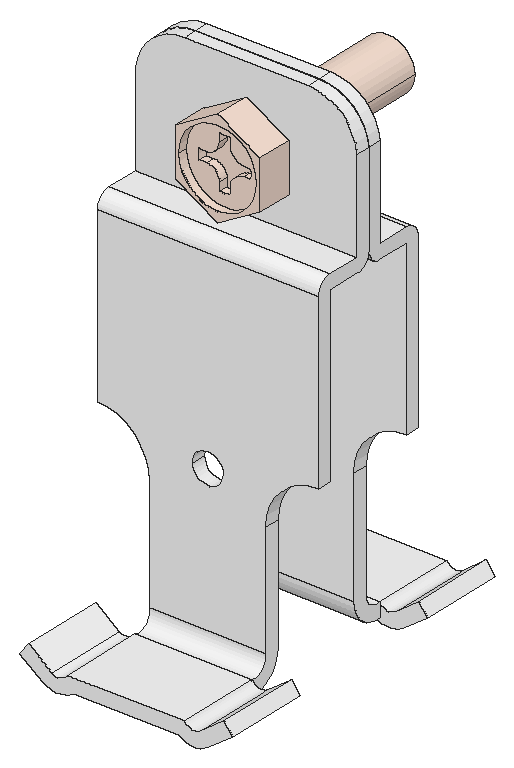
Revit family "taifuatsu-sclip_c38", category 機械設備, Revit 2022
Family settings
  丸型コネクタ寸法 = 直径を使用
  種別 = なし
  パーツ タイプ = 標準
  作業面ベース = いいえ
  常に垂直 = はい
  ロード時にボイドで切り取り = いいえ
  注釈の向きを維持 = いいえ
  共有 = いいえ
  部屋計算ポイント = いいえ
Parameters
  製造元 = "株式会社桐井製作所"
  既定の高さ = 0 mm
  URL = "https://www.kirii.co.jp/"
  K_品名 = "耐風圧Sクリップ(C38用)"
  K_名称 = "耐風圧クリップ"
  K_入数 = "300"
  K_バージョン情報 = "20210714"
Reference planes
  plane 1 "中心(正面/背面)": y = 0
  plane 2: z = 0
  plane 3 "中心(左/右)": x = 0
  plane 4: x = 12.498
  plane 5: x = -12.5
Forms (mm)
  Extrusion 1, solid
    sketch origin (-0.054, 0, 0) x (0, 1, 0) y (0, 0, 1)
      loop
        line (-1.6, 43.2) -> (-5.4, 43.2)
        arc (-5.4, 43.2) -> (-6.54, 42.728) -> (-7.013, 41.587) r 1.613
        line (-7.013, 41.587) -> (-7.013, 3.398)
        arc (-7.013, 3.398) -> (-7.546, 1.99) -> (-9, 1.6) r 1.651
        line (-9, 1.6) -> (-9, 0)
        arc (-9, 0) -> (-6.482, 0.789) -> (-5.4, 3.197) r 3.219
        line (-5.4, 3.197) -> (-5.4, 41.6) -> (-1.6, 41.6)
        arc (-1.6, 41.6) -> (-0.469, 42.069) -> (0, 43.2) r 1.6
        line (0, 43.2) -> (0, 58.6) -> (-1.6, 58.6) -> (-1.6, 43.2)
    from -12.446 to 12.552
  Extrusion 2, void
    sketch origin (-0.054, 0, 0) x (1, 0, 0) y (0, 0, 1)
      loop
        line (6.606, 16.2) -> (6.606, -1.592) -> (12.552, -1.592) -> (12.552, 22.2)
        arc (12.552, 22.2) -> (8.344, 20.424) -> (6.606, 16.2) r 6
    from 5.052 to 9
  Extrusion 3, void
    sketch origin (-0.054, 0, 0) x (-1, 0, 0) y (0, 0, -1)
      loop
        arc (6.498, -16.2) -> (8.255, -20.443) -> (12.498, -22.2) r 6
        line (12.498, -22.2) -> (12.498, 1.592) -> (6.498, 1.592) -> (6.498, -16.2)
    from 5.052 to 9
  Extrusion 4, solid
    sketch origin (-0.054, 0, 0) x (1, 0, 0) y (0, 0, 1)
      loop
        line (6.606, 1.6) -> (-6.608, 1.6)
        arc (-6.608, 1.6) -> (-7.436, 1.023) -> (-8.421, 1.247) r 1.25
        line (-8.421, 1.247) -> (-11.046, 3.197) -> (-12, 1.912) -> (-9.375, -0.038)
        arc (-9.375, -0.038) -> (-7.644, -0.6) -> (-5.927, 0) r 2.85
        line (-5.927, 0) -> (5.925, 0)
        arc (5.925, 0) -> (7.642, -0.6) -> (9.373, -0.038) r 2.85
        line (9.373, -0.038) -> (11.998, 1.912) -> (11.044, 3.197) -> (8.419, 1.247)
        arc (8.419, 1.247) -> (7.434, 1.023) -> (6.606, 1.6) r 1.25
    from 9 to 18.5
  Extrusion 5, solid
    sketch origin (-0.054, 0, 0) x (0, -1, 0) y (0, 0, -1)
      loop
        line (-1.6, -43.2) -> (-1.6, -58.6) -> (0, -58.6) -> (0, -43.2)
        arc (0, -43.2) -> (-0.469, -42.069) -> (-1.6, -41.6) r 1.6
        line (-1.6, -41.6) -> (-5.4, -41.6) -> (-5.4, -3.197)
        arc (-5.4, -3.197) -> (-6.482, -0.789) -> (-9, 0) r 3.219
        line (-9, 0) -> (-9, -1.6)
        arc (-9, -1.6) -> (-7.546, -1.99) -> (-7.013, -3.398) r 1.651
        line (-7.013, -3.398) -> (-7.013, -41.587)
        arc (-7.013, -41.587) -> (-6.54, -42.728) -> (-5.4, -43.2) r 1.613
        line (-5.4, -43.2) -> (-1.6, -43.2)
    from -12.446 to 12.552
  Extrusion 6, void
    sketch origin (-0.054, 0, 0) x (1, 0, 0) y (0, 0, -1)
      loop
        arc (6.606, -16.2) -> (8.344, -20.424) -> (12.552, -22.2) r 6
        line (12.552, -22.2) -> (12.552, 1.592) -> (6.606, 1.592) -> (6.606, -16.2)
    from 5.052 to 9
  Extrusion 7, void
    sketch origin (-0.054, 0, 0) x (-1, 0, 0) y (0, 0, 1)
      loop
        line (6.498, 16.2) -> (6.498, -1.592) -> (12.498, -1.592) -> (12.498, 22.2)
        arc (12.498, 22.2) -> (8.255, 20.443) -> (6.498, 16.2) r 6
    from 5.052 to 9
  Extrusion 8, solid
    sketch origin (-0.054, 0, 0) x (1, 0, 0) y (0, 0, -1)
      loop
        arc (6.606, -1.6) -> (7.434, -1.023) -> (8.419, -1.247) r 1.25
        line (8.419, -1.247) -> (11.044, -3.197) -> (11.998, -1.912) -> (9.373, 0.038)
        arc (9.373, 0.038) -> (7.642, 0.6) -> (5.925, 0) r 2.85
        line (5.925, 0) -> (-5.927, 0)
        arc (-5.927, 0) -> (-7.644, 0.6) -> (-9.375, 0.038) r 2.85
        line (-9.375, 0.038) -> (-12, -1.912) -> (-11.046, -3.197) -> (-8.421, -1.247)
        arc (-8.421, -1.247) -> (-7.436, -1.023) -> (-6.608, -1.6) r 1.25
        line (-6.608, -1.6) -> (6.606, -1.6)
    from 9 to 18.5
  Extrusion 9, void
    sketch origin (-12.499, 1.6, 0) x (1, 0, 0) y (0, 0, 1)
      loop
        arc (19.497, 58.6) -> (23.213, 57.163) -> (24.997, 53.6) r 5.525
        line (24.997, 53.6) -> (24.997, 58.6) -> (19.497, 58.6)
      loop
        line (5.499, 58.6) -> (-0.001, 58.6) -> (-0.001, 53.6)
        arc (-0.001, 53.6) -> (1.782, 57.163) -> (5.499, 58.6) r 5.525
    from 1.6 to 3.2
  Extrusion 10, void
    sketch origin (-12.499, -1.6, 0) x (1, 0, 0) y (0, 0, -1)
      loop
        line (19.497, -58.6) -> (24.997, -58.6) -> (24.997, -53.6)
        arc (24.997, -53.6) -> (23.213, -57.163) -> (19.497, -58.6) r 5.525
      loop
        arc (5.499, -58.6) -> (1.782, -57.163) -> (-0.001, -53.6) r 5.525
        line (-0.001, -53.6) -> (-0.001, -58.6) -> (5.499, -58.6)
    from 1.6 to 3.2
  Extrusion 11, void
    sketch origin (-12.498, 0, -0.025) x (1, 0, 0) y (0, 0, 1)
      loop
        circle (12.498, 49.625) r 3.5
    from 0 to 1.6
  Extrusion 12, void
    sketch origin (-12.498, 0, -0.025) x (1, 0, 0) y (0, 0, -1)
      loop
        circle (12.498, -49.625) r 3.5
    from 0 to 1.6
  Extrusion 13, solid
    sketch origin (-25.005, 4.4, -3.598) x (1, 0, 0) y (0, 0, -1)
      loop
        circle (25.005, -53.148) r 4.7
      loop
        circle (25.005, -53.198) r 3.5
    from -2.8 to -1.6
  Extrusion 14, void
    sketch origin (0, 0, 0) x (1, 0, 0) y (0, 0, 1)
      loop
        circle (0, 19.821) r 1.75
    from 5.4 to 7.013
  Extrusion 15, void
    sketch origin (0, 0, 0) x (1, 0, 0) y (0, 0, -1)
      loop
        circle (0, -19.821) r 1.75
    from 5.4 to 7.013
Cuts and joins
  Extrusion 2, Extrusion 3, Extrusion 6, Extrusion 9, Extrusion 10, Extrusion 11, Extrusion 12, Extrusion 14, Extrusion 15 cuts Extrusion 1
  Extrusion 6, Extrusion 9, Extrusion 10, Extrusion 11, Extrusion 12, Extrusion 14, Extrusion 15 cuts Extrusion 4
  joined: Extrusion 1, Extrusion 4
  Extrusion 6, Extrusion 7, Extrusion 10, Extrusion 12, Extrusion 15 cuts Extrusion 5
  Extrusion 6, Extrusion 10, Extrusion 12 cuts Extrusion 8
  joined: Extrusion 5, Extrusion 8
Dimensions and locks
  aligned and locked: level to plane 2
  aligned and locked: Extrusion 2 to Extrusion 3
  aligned and locked: Extrusion 6 to Extrusion 7
Nested families
  nested 1: "M6×20ボルト" at (0, -1.6, 49.756), type "M6×20ボルト"
Definition of nested family "M6×20ボルト"
  Parameters (values of type "M6×20ボルト")
    Manufacturer = "株式会社桐井製作所"
    Default Elevation = 0 mm
    URL = "https://www.kirii.co.jp/"
    K_材料規格 = "M6×L20"
    K_品名 = "M6×20ボルト"
    K_名称 = "ボルト"
  Reference planes
    plane 1 "中心(正面/背面)": y = 0
    plane 2: z = 0
    plane 3 "中心(左/右)": x = 0
    plane 4 "正面": y = -4
  Forms (mm)
    Extrusion 1, solid
      sketch origin (0, 0, 0) x (1, 0, 0) y (0, 0, 1)
        loop
          line (-4.763, -2.946) -> (0, -5.696) -> (4.763, -2.946) -> (4.763, 2.554) -> (0, 5.304) -> (-4.763, 2.554) -> (-4.763, -2.946)
      from 0 to 4
    Extrusion 2, void
      sketch origin (0, -4, 0) x (-1, 0, 0) y (0, 0, 1)
        loop
          circle (0, -0.156) r 4.396
      from 0 to 1
    Extrusion 3, void
      sketch origin (0, -4, 0) x (-1, 0, 0) y (0, 0, 1)
        loop
          arc (-0.6, 1.814) -> (-1.069, 0.856) -> (-2.036, 0.404) r 1.605
          line (-2.036, 0.404) -> (-2.939, 0.404)
          arc (-2.939, 0.404) -> (-3, -0.195) -> (-2.94, -0.795) r 3
          line (-2.94, -0.795) -> (-2.049, -0.795)
          arc (-2.049, -0.795) -> (-1.074, -1.243) -> (-0.6, -2.206) r 1.605
          line (-0.6, -2.206) -> (-0.6, -3.135)
          arc (-0.6, -3.135) -> (0, -3.196) -> (0.6, -3.135) r 3
          line (0.6, -3.135) -> (0.6, -2.206)
          arc (0.6, -2.206) -> (1.074, -1.243) -> (2.049, -0.795) r 1.605
          line (2.049, -0.795) -> (2.94, -0.795)
          arc (2.94, -0.795) -> (3, -0.198) -> (2.941, 0.398) r 3
          line (2.941, 0.398) -> (2.117, 0.398)
          arc (2.117, 0.398) -> (1.098, 0.828) -> (0.6, 1.814) r 1.605
          line (0.6, 1.814) -> (0.6, 2.743)
          arc (0.6, 2.743) -> (0, 2.804) -> (-0.6, 2.743) r 3
          line (-0.6, 2.743) -> (-0.6, 1.814)
      from 0 to 2
    Extrusion 4, solid
      sketch origin (0, 0, 0) x (1, 0, 0) y (0, 0, 1)
        loop
          circle (-0.011, -0.2) r 3
      from 0 to -20
  Cuts and joins
    Extrusion 2, Extrusion 3 cuts Extrusion 1
    joined: Extrusion 1, Extrusion 4
  Dimensions and locks
    aligned and locked: level to plane 2
